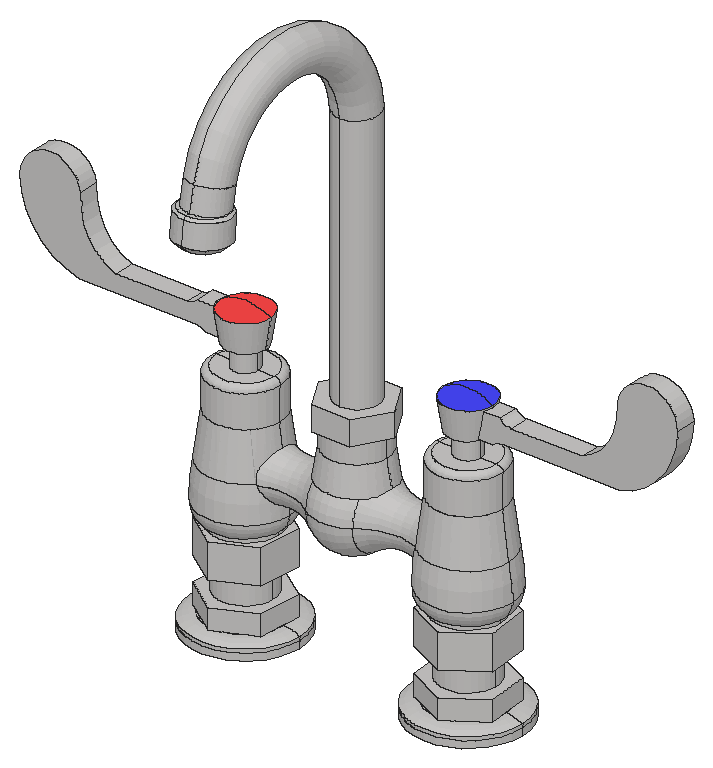
Revit family "15-425L-W-E2", category Specialty Equipment, Revit 2018
Family settings
  Round Connector Dimension = Use Diameter
  Part Type = Normal
  OmniClass Number = 23.45.05.14
  OmniClass Title = Plumbing Fixtures - Sanitary Washing Units
  Work Plane-Based = No
  Always vertical = Yes
  Cut with Voids When Loaded = No
  Shared = No
  Room Calculation Point = No
Parameters
  URL Cutsheet = ""
  Serial Number = ""
  Plumbing Remarks = ""
  Plumbing Connection Type = ""
  Model = "15-425L-W-E2"
  Masterspec = ""
  Manufacturer = "Krowne Metal"
  Item Number = ""
  INLET = 1/2"
  Hot Water Size = 1/2"
  Hot Water RI Height = 0"
  Hot Water Flow = 0.5 GPM
  Hot Water Connection Height = 0"
  Foodservice Equipment Identifier = yes
  Description = "4\" Rasied Deck Mount Faucet with 3-1/2\" Wide Gooseneck Spout"
  Cold Water Size = 1/2"
  Cold Water RI Height = 0"
  Cold Water Flow = 0.5 GPM
  Cold Water Connection Height = 0"
  Assembly Code = "D2010400"
Reference planes (in)
  plane 1 "Center (Front/Back)": y = 0
  plane 2: z = 0
  plane 3 "Center (Left/Right)": x = 0
  plane 4: x = -5.9375
  plane 5: x = 5.9375
  plane 6: x = -2
  plane 7: x = 2
  plane 8: y = -12
  plane 9: z = 2.65558
  plane 10: through (0, -5.76521, 7.15874) normal (0, 0.342, 0.9397)
  plane 11: through (-0.17725, -0.12367, 48) normal (-0.5736, 0.8192, 0)
  plane 12: z = 10.875
  plane 13: z = 8.375
Forms (in)
  Revolve 1, solid, material "Metal_Finishes_Stainless Steel"
    sketch origin (0, 0, 0) x (1, 0, 0) y (0, 0, 1)
      loop
        line (-2.22656, 4.20975) -> (-2.51562, 4.20975)
        arc (-2.51562, 4.20975) -> (-2.59135, 4.17838) -> (-2.62271, 4.10266) r 0.10709
        line (-2.62271, 4.10266) -> (-2.62271, 3.52551)
        arc (-2.62271, 3.52551) -> (-2.66794, 3.11826) -> (-2.73746, 2.71444) r 6.8403
        arc (-2.73746, 2.71444) -> (-2.78362, 2.39451) -> (-2.79296, 2.0714) r 2.82789
        arc (-2.79296, 2.0714) -> (-2.75645, 1.91708) -> (-2.6617, 1.78992) r 0.39133
        line (-2.6617, 1.78992) -> (-2.59259, 1.78992) -> (-2.59259, 1.68577) -> (-2, 1.68577) -> (-2, 5.125) -> (-2.44657, 5.125) -> (-2.36239, 4.59348) -> (-2.22656, 4.59348) -> (-2.22656, 4.20975)
      axis (-2, 5.125) -> (-2, 1.68577)
    angle from 0 to 360
  Revolve 2, solid, material "Metal_Finishes_Stainless Steel"
    sketch origin (0, 0, 0) x (-1, 0, 0) y (0, 0, 1)
      loop
        line (-2.22656, 4.20975) -> (-2.51562, 4.20975)
        arc (-2.51562, 4.20975) -> (-2.59135, 4.17838) -> (-2.62271, 4.10266) r 0.10709
        line (-2.62271, 4.10266) -> (-2.62271, 3.52551)
        arc (-2.62271, 3.52551) -> (-2.66794, 3.11826) -> (-2.73746, 2.71444) r 6.8403
        arc (-2.73746, 2.71444) -> (-2.78362, 2.39451) -> (-2.79296, 2.0714) r 2.82789
        arc (-2.79296, 2.0714) -> (-2.75645, 1.91708) -> (-2.6617, 1.78992) r 0.39133
        line (-2.6617, 1.78992) -> (-2.59259, 1.78992) -> (-2.59259, 1.68577) -> (-2, 1.68577) -> (-2, 5.125) -> (-2.44657, 5.125) -> (-2.36239, 4.59348) -> (-2.22656, 4.59348) -> (-2.22656, 4.20975)
      axis (-2, 5.125) -> (-2, 1.68577)
    angle from 0 to 360
  Revolve 3, solid, material "Metal_Finishes_Stainless Steel"
    sketch origin (0, 0, 2.6875) x (1, 0, 0) y (0, 1, 0)
      loop
        arc (-0.42994, 0.60483) -> (-1.04087, 0.39267) -> (-1.65203, 0.60418) r 0.98721
        line (-1.65203, 0.60418) -> (-1.65203, 0) -> (1.65203, 0) -> (1.65203, 0.60418)
        arc (1.65203, 0.60418) -> (1.02733, 0.37825) -> (0.40081, 0.59907) r 0.98777
        arc (0.40081, 0.59907) -> (-0.01356, 0.74768) -> (-0.42994, 0.60483) r 0.66483
      axis (-1.65203, 0) -> (1.65203, 0)
    angle from 0 to 360
  Blend 4, solid, material "Metal_Finishes_Stainless Steel"
    base sketch origin (0, 0, 0) x (1, 0, 0) y (0, 1, 0)
      loop
        circle (0, 0) r 0.62691
    top sketch origin (0, 0, 0) x (1, 0, 0) y (0, 1, 0)
      loop
        circle (0, 0) r 0.54579
    from 3.11172 to 3.61652
  Extrusion 5, solid, material "Metal_Finishes_Stainless Steel"
    sketch origin (0, 0, 0) x (1, 0, 0) y (0, 1, 0)
      loop
        line (-1.30752, 0.32291) -> (-1.93341, 0.76116) -> (-2.62589, 0.43825) -> (-2.69248, -0.32291) -> (-2.06659, -0.76116) -> (-1.37411, -0.43825) -> (-1.30752, 0.32291)
    from 1.06695 to 1.68577
  Extrusion 6, solid, material "Metal_Finishes_Stainless Steel"
    sketch origin (0, 0, 0) x (-1, 0, 0) y (0, -1, 0)
      loop
        line (-1.30752, -0.32291) -> (-1.37411, 0.43825) -> (-2.06659, 0.76116) -> (-2.69248, 0.32291) -> (-2.62589, -0.43825) -> (-1.93341, -0.76116) -> (-1.30752, -0.32291)
    from 1.06695 to 1.68577
  Revolve 7, solid, material "Metal_Finishes_Stainless Steel"
    sketch origin (0, 0, 0) x (1, 0, 0) y (0, 0, 1)
      loop
        line (-0.54579, 3.98343) -> (-0.54579, 3.61652) -> (0, 3.61652) -> (0, 3.98343) -> (-0.54579, 3.98343)
      axis (0, 3.98343) -> (0, 3.61652)
    angle from 0 to 360
  Revolve 8, solid, material "Metal_Finishes_Stainless Steel"
    sketch origin (0, 0, 0) x (1, 0, 0) y (0, 0, 1)
      loop
        line (-2, 1.06695) -> (-2.5, 1.06695) -> (-2.5, 0.61297) -> (-2, 0.61297) -> (-2, 1.06695)
      axis (-2, 1.06695) -> (-2, 0.61297)
    angle from 0 to 360
  Extrusion 9, solid, material "Metal_Finishes_Stainless Steel"
    sketch origin (0, 0, -0.75) x (1, 0, 0) y (0, 1, 0)
      loop
        line (-1.30752, 0.32291) -> (-1.93341, 0.76116) -> (-2.62589, 0.43825) -> (-2.69248, -0.32291) -> (-2.06659, -0.76116) -> (-1.37411, -0.43825) -> (-1.30752, 0.32291)
    from 1.01152 to 1.37272
  Extrusion 10, solid, material "Metal_Finishes_Stainless Steel"
    sketch origin (0, 0, -0.75) x (-1, 0, 0) y (0, -1, 0)
      loop
        line (-1.30752, -0.32291) -> (-1.37411, 0.43825) -> (-2.06659, 0.76116) -> (-2.69248, 0.32291) -> (-2.62589, -0.43825) -> (-1.93341, -0.76116) -> (-1.30752, -0.32291)
    from 1.01152 to 1.37272
  Revolve 11, solid, material "Metal_Finishes_Stainless Steel"
    sketch origin (0, 0, 0) x (-1, 0, 0) y (0, 0, 1)
      loop
        line (-2, 1.06695) -> (-2.5, 1.06695) -> (-2.5, 0.61816) -> (-2, 0.61816) -> (-2, 1.06695)
      axis (-2, 1.06695) -> (-2, 0.61816)
    angle from 0 to 360
  Revolve 12, solid, material "Metal_Finishes_Stainless Steel"
    sketch origin (0, 0, 0) x (1, 0, 0) y (0, 0, 1)
      loop
        line (-2, 0.26152) -> (-2.69248, 0.26152)
        arc (-2.69248, 0.26152) -> (-2.83914, 0.24298) -> (-2.97656, 0.1885) r 0.58912
        line (-2.97656, 0.1885) -> (-2.97656, 0.12692) -> (-2, 0.12692) -> (-2, 0.26152)
      axis (-2, 0.26152) -> (-2, 0.12692)
    angle from 0 to 360
  Revolve 13, solid, material "Metal_Finishes_Stainless Steel"
    sketch origin (0, 0, 0) x (-1, 0, 0) y (0, 0, 1)
      loop
        line (-2, 0.26152) -> (-2.69248, 0.26152)
        arc (-2.69248, 0.26152) -> (-2.83914, 0.24298) -> (-2.97656, 0.1885) r 0.58912
        line (-2.97656, 0.1885) -> (-2.97656, 0.12692) -> (-2, 0.12692) -> (-2, 0.26152)
      axis (-2, 0.26152) -> (-2, 0.12692)
    angle from 0 to 360
  Revolve 14, solid, material "Metal_Finishes_Stainless Steel"
    sketch origin (0, 0, 0) x (1, 0, 0) y (0, 0, 1)
      loop
        line (-2, 0.12692) -> (-2.97656, 0.12692) -> (-2.97656, 0) -> (-2, 0) -> (-2, 0.12692)
      axis (-2, 0.12692) -> (-2, 0)
    angle from 0 to 360
  Revolve 15, solid, material "Metal_Finishes_Stainless Steel"
    sketch origin (0, 0, 0) x (-1, 0, 0) y (0, 0, 1)
      loop
        line (-2, 0.12692) -> (-2.97656, 0.12692) -> (-2.97656, 0) -> (-2, 0) -> (-2, 0.12692)
      axis (-2, 0.12692) -> (-2, 0)
    angle from 0 to 360
  Revolve 16, solid, material "Plastic-Brass-Red"
    sketch origin (0, 0, 0) x (1, 0, 0) y (0, 0, 1)
      loop
        line (-2, 5.125) -> (-2, 5.25752)
        arc (-2, 5.25752) -> (-2.23286, 5.22351) -> (-2.44657, 5.125) r 0.82319
        line (-2.44657, 5.125) -> (-2, 5.125)
      axis (-2, 5.25752) -> (-2, 5.125)
    angle from 0 to 360
  Revolve 17, solid, material "Plastic-Brass-Blue"
    sketch origin (0, 0, 0) x (-1, 0, 0) y (0, 0, 1)
      loop
        line (-2, 5.125) -> (-2, 5.25752)
        arc (-2, 5.25752) -> (-2.23286, 5.22351) -> (-2.44657, 5.125) r 0.82319
        line (-2.44657, 5.125) -> (-2, 5.125)
      axis (-2, 5.25752) -> (-2, 5.125)
    angle from 0 to 360
  Extrusion 18, solid, material "Metal_Finishes_Stainless Steel"
    sketch origin (-0.24216, 0, 2.04187) x (1, 0, 0) y (0, 0, 1)
      loop
        line (-2.66818, 2.9566) -> (-3.93705, 2.9566)
        spline (-3.93705, 2.9566) -> (-4.04351, 3.00182) -> (-4.1397, 3.05603) -> (-4.22581, 3.11899) -> (-4.30203, 3.19043) -> (-4.36857, 3.27011) -> (-4.42561, 3.35776) -> (-4.47335, 3.45315) -> (-4.51197, 3.55601) -> (-4.54167, 3.6661) -> (-4.56265, 3.78315) -> (-4.5751, 3.90692) -> (-4.5792, 4.03716)
        arc (-4.5792, 4.03716) -> (-5.15856, 4.50162) -> (-5.66409, 3.95772) r 0.54535
        arc (-5.66409, 3.95772) -> (-5.36476, 3.11244) -> (-4.60018, 2.64391) r 1.34317
        line (-4.60018, 2.64391) -> (-2.50875, 2.64391)
        arc (-2.50875, 2.64391) -> (-2.41638, 2.62754) -> (-2.33526, 2.58042) r 0.2688
        line (-2.33526, 2.58042) -> (-2.03125, 2.58042) -> (-2.03125, 3.05157) -> (-2.47683, 3.05157)
        arc (-2.47683, 3.05157) -> (-2.56137, 2.98165) -> (-2.66818, 2.9566) r 0.24025
    from -0.17603 to 0.17603
  Extrusion 19, solid, material "Metal_Finishes_Stainless Steel"
    sketch origin (0.24216, 0, 2.04187) x (-1, 0, 0) y (0, 0, -1)
      loop
        arc (-2.66818, -2.9566) -> (-2.56137, -2.98165) -> (-2.47683, -3.05157) r 0.24025
        line (-2.47683, -3.05157) -> (-2.03125, -3.05157) -> (-2.03125, -2.58042) -> (-2.33526, -2.58042)
        arc (-2.33526, -2.58042) -> (-2.41638, -2.62754) -> (-2.50875, -2.64391) r 0.2688
        line (-2.50875, -2.64391) -> (-4.60018, -2.64391)
        arc (-4.60018, -2.64391) -> (-5.36476, -3.11244) -> (-5.66409, -3.95772) r 1.34317
        arc (-5.66409, -3.95772) -> (-5.15856, -4.50162) -> (-4.5792, -4.03716) r 0.54535
        spline (-4.5792, -4.03716) -> (-4.5751, -3.90692) -> (-4.56265, -3.78315) -> (-4.54167, -3.6661) -> (-4.51197, -3.55601) -> (-4.47335, -3.45315) -> (-4.42561, -3.35776) -> (-4.36857, -3.27011) -> (-4.30203, -3.19043) -> (-4.22581, -3.11899) -> (-4.1397, -3.05603) -> (-4.04351, -3.00182) -> (-3.93705, -2.9566)
        line (-3.93705, -2.9566) -> (-2.66818, -2.9566)
    from -0.17603 to 0.17603
  Revolve 20, solid, material "Metal_Finishes_Stainless Steel"
    sketch origin (0, 1.37594, 1.66226) x (0, 0.996195, -0.087156) y (0, 0.087156, 0.996195)
      loop
        line (-4.96611, 6.81304) -> (-5.01464, 6.85377) -> (-5.4198, 6.8854) -> (-5.4198, 6.2923) -> (-5.05766, 6.2923) -> (-4.96611, 6.38386) -> (-4.96611, 6.81304)
      axis (-5.4198, 6.8854) -> (-5.4198, 6.2923)
    angle from 0 to 360
  Sweep 21, solid, material "Metal_Finishes_Stainless Steel"
    path origin (0, 0, 1.43249) x (0, 1, 0) y (0, 0, 1)
      loop
        line (-0.00003, 2.18403) -> (-0.00003, 7.62952)
        arc (-0.00003, 7.62952) -> (-1.52535, 9.18633) -> (-3.30301, 7.9253) r 1.67906
        line (-3.30301, 7.9253) -> (-3.43324, 7.18669)
    profile origin (0, -0.00003, 6.33926) x (0, -1, 0) y (1, 0, 0)
      loop
        circle (0, 0) r 0.37375
  Extrusion 22, void
    sketch origin (0, -0.54452, 1.88766) x (1, 0, 0) y (0, 0.996195, -0.087156)
      loop
        circle (0, -3.5) r 0.34361
      loop
        circle (0, -3.22992) r 0.04564
      loop
        circle (0.13088, -3.2517) r 0.04564
      loop
        circle (-0.13088, -3.2517) r 0.04564
      loop
        circle (0, -3.33823) r 0.04564
      loop
        circle (0.13088, -3.36002) r 0.04564
      loop
        circle (-0.12307, -3.38345) r 0.04564
      loop
        circle (0, -3.45442) r 0.04564
      loop
        circle (0.06838, -3.56214) r 0.04564
      loop
        circle (-0.1387, -3.49964) r 0.04564
      loop
        circle (-0.2115, -3.31347) r 0.04564
      loop
        circle (-0.25424, -3.4309) r 0.04564
      loop
        circle (0.24203, -3.36997) r 0.04564
      loop
        circle (0.23422, -3.49832) r 0.04564
      loop
        circle (0, -3.77008) r 0.04564
      loop
        circle (0.13088, -3.7483) r 0.04564
      loop
        circle (-0.13088, -3.7483) r 0.04564
      loop
        circle (0, -3.66177) r 0.04564
      loop
        circle (0.13088, -3.63998) r 0.04564
      loop
        circle (-0.13088, -3.60873) r 0.04564
      loop
        circle (-0.03906, -3.5573) r 0.04564
      loop
        circle (-0.2115, -3.68653) r 0.04564
      loop
        circle (-0.25424, -3.5691) r 0.04564
      loop
        circle (0.24203, -3.63003) r 0.04564
      loop
        circle (0.13088, -3.47286) r 0.04564
    from 6.23514 to 6.28724
  Extrusion 23, solid, material "Metal_Finishes_Stainless Steel"
    sketch origin (0, 0, 0.19915) x (1, 0, 0) y (0, 1, 0)
      loop
        line (-0.33965, 0.5883) -> (-0.67931, 0) -> (-0.33965, -0.5883) -> (0.33965, -0.5883) -> (0.67931, 0) -> (0.33965, 0.5883) -> (-0.33965, 0.5883)
    from 3.78429 to 4.20975
Cuts and joins
  Extrusion 22 cuts Revolve 20
  joined: Revolve 1, Revolve 2, Revolve 3, Blend 4, Extrusion 5, Extrusion 6, Revolve 7, Revolve 8, Extrusion 9, Extrusion 10, Revolve 11, Revolve 12, Revolve 13, Extrusion 18, Extrusion 19, Revolve 20, Sweep 21, Extrusion 23
Dimensions and locks (in)
  equal spacing: plane 5, plane 3 "Center (Left/Right)", plane 4, locked at 5.9375 each
  locked: plane 5 to plane 4 at 11.875
  equal spacing: plane 7, plane 3 "Center (Left/Right)", plane 6, locked at 2 each
  plane 7 to plane 6 = 4"
  plane 1 "Center (Front/Back)" to plane 8 = 12"
  plane 12 to level = 10 7/8"
  plane 13 to level = 8 3/8"
  aligned and locked: level to plane 2
Automatic sketch dimensions
  Revolve 1 sketch curve to plane 6 = 0"  (x2)
  Revolve 1 sketch curve to plane 6 = 29/128"
  Revolve 1 sketch curve to Revolve 1 sketch curve = 0.13583"
  Revolve 1 sketch curve to plane 6 = 0.40179"
  Revolve 1 sketch curve to Revolve 1 sketch curve = 0.44657"
  Revolve 1 sketch curve to Revolve 1 sketch curve = 37/128"
  Revolve 1 sketch curve to Revolve 1 sketch curve = 0.19081"
  Revolve 1 sketch curve to Revolve 1 sketch curve = 0.10709"
  Revolve 1 sketch curve to Revolve 1 sketch curve = 0.06911"
  plane 9 to Revolve 1 sketch curve = 1.42088"
  Revolve 1 sketch curve to plane 4 = 3.50329"
  plane 3 "Center (Left/Right)" to Revolve 1 sketch curve = 0.0338"
  plane 9 to Revolve 1 sketch curve = 0.86993"
  Revolve 1 sketch curve to plane 9 = 0.50422"
  Revolve 1 sketch curve to plane 9 = 0.57311"
  Revolve 1 sketch curve to Revolve 1 sketch curve = 0.29254"
  Revolve 1 sketch curve to Revolve 1 sketch curve = 0.10415"
  Revolve 1 sketch curve to Revolve 1 sketch curve = 0.57715"
  Revolve 1 sketch curve to Revolve 1 sketch curve = 0.38373"
  Revolve 1 sketch curve to Revolve 1 sketch curve = 0.53152"
  Revolve 1 sketch curve to Revolve 1 sketch curve = 0"
  level to Revolve 1 sketch curve = 0.66139"
  plane 7 to Revolve 2 sketch curve = 0"  (x2)
  plane 7 to Revolve 2 sketch curve = 29/128"
  Revolve 2 sketch curve to Revolve 2 sketch curve = 0.13583"
  plane 7 to Revolve 2 sketch curve = 0.40179"
  Revolve 2 sketch curve to Revolve 2 sketch curve = 0.44657"
  Revolve 2 sketch curve to Revolve 2 sketch curve = 37/128"
  Revolve 2 sketch curve to Revolve 2 sketch curve = 0.19081"
  Revolve 2 sketch curve to Revolve 2 sketch curve = 0.10709"
  Revolve 2 sketch curve to Revolve 2 sketch curve = 0.06911"
  Revolve 2 sketch curve to plane 9 = 1.42088"
  Revolve 2 sketch curve to plane 5 = 3.50329"
  plane 3 "Center (Left/Right)" to Revolve 2 sketch curve = 0.0338"
  Revolve 2 sketch curve to plane 9 = 0.86993"
  plane 9 to Revolve 2 sketch curve = 0.50422"
  plane 9 to Revolve 2 sketch curve = 0.57311"
  Revolve 2 sketch curve to Revolve 2 sketch curve = 0.29254"
  Revolve 2 sketch curve to Revolve 2 sketch curve = 0.10415"
  Revolve 2 sketch curve to Revolve 2 sketch curve = 0.57715"
  Revolve 2 sketch curve to Revolve 2 sketch curve = 0.38373"
  Revolve 2 sketch curve to Revolve 2 sketch curve = 0.53152"
  Revolve 2 sketch curve to Revolve 2 sketch curve = 0"
  Revolve 2 sketch curve to level = 0.66139"
  plane 1 "Center (Front/Back)" to Revolve 3 sketch curve = 0"  (x2)
  Revolve 3 sketch curve to plane 6 = 0"
  Revolve 3 sketch curve to Revolve 3 sketch curve = 0.34797"
  plane 6 to Revolve 3 sketch curve = 0.95861"
  Revolve 3 sketch curve to plane 3 "Center (Left/Right)" = 0.01816"
  plane 7 to Revolve 3 sketch curve = 0.9767"
  plane 7 to Revolve 3 sketch curve = 0.34797"
  Revolve 3 sketch curve to plane 1 "Center (Front/Back)" = 0.08287"
  Revolve 3 sketch curve to plane 1 "Center (Front/Back)" = 0.60418"  (x2)
  Revolve 3 sketch curve to Revolve 3 sketch curve = 0.76183"
  Revolve 3 sketch curve to Revolve 3 sketch curve = 0.7757"
  Revolve 3 sketch curve to Revolve 3 sketch curve = 0"
  Revolve 3 sketch curve to plane 7 = 0.6617"
  plane 1 "Center (Front/Back)" to Blend 4 sketch curve = 0"  (x2)
  Blend 4 sketch curve to plane 3 "Center (Left/Right)" = 0"  (x2)
  Extrusion 6 sketch curve to plane 1 "Center (Front/Back)" = 0.32291"
  plane 7 to Extrusion 6 sketch curve = 0.69248"
  plane 7 to Extrusion 6 sketch curve = 0.62589"
  plane 7 to Extrusion 6 sketch curve = 0.06659"
  Extrusion 6 sketch curve to plane 7 = 0.06659"
  Extrusion 6 sketch curve to plane 7 = 0.62589"
  plane 1 "Center (Front/Back)" to Extrusion 6 sketch curve = 0.32291"
  Extrusion 6 sketch curve to plane 7 = 0.69248"
  Extrusion 6 sketch curve to plane 1 "Center (Front/Back)" = 0.43825"
  Extrusion 6 sketch curve to plane 1 "Center (Front/Back)" = 0.76116"
  plane 1 "Center (Front/Back)" to Extrusion 6 sketch curve = 0.43825"
  plane 1 "Center (Front/Back)" to Extrusion 6 sketch curve = 0.76116"
  Revolve 7 sketch curve to plane 3 "Center (Left/Right)" = 0"  (x2)
  Revolve 7 sketch curve to plane 3 "Center (Left/Right)" = 0.54579"
  plane 9 to Revolve 7 sketch curve = 123/128"
  Revolve 7 sketch curve to Revolve 7 sketch curve = 0.36692"
  Revolve 7 sketch curve to Revolve 7 sketch curve = 0.14231"
  Revolve 7 sketch curve to Revolve 7 sketch curve = 0.09237"
  Revolve 8 sketch curve to plane 6 = 0"  (x2)
  Revolve 8 sketch curve to plane 6 = 1/2"
  level to Revolve 8 sketch curve = 0.61297"
  Revolve 8 sketch curve to Revolve 8 sketch curve = 0.45398"
  Revolve 8 sketch curve to Revolve 8 sketch curve = 0.1815"
  Revolve 8 sketch curve to Revolve 8 sketch curve = 0.4632"
  plane 1 "Center (Front/Back)" to Extrusion 9 sketch curve = 0.32291"
  Extrusion 9 sketch curve to plane 6 = 0.69248"
  Extrusion 9 sketch curve to plane 6 = 0.62589"
  Extrusion 9 sketch curve to plane 6 = 0.06659"
  plane 6 to Extrusion 9 sketch curve = 0.06659"
  plane 6 to Extrusion 9 sketch curve = 0.62589"
  Extrusion 9 sketch curve to plane 1 "Center (Front/Back)" = 0.32291"
  plane 6 to Extrusion 9 sketch curve = 0.69248"
  plane 1 "Center (Front/Back)" to Extrusion 9 sketch curve = 0.43825"
  plane 1 "Center (Front/Back)" to Extrusion 9 sketch curve = 0.76116"
  Extrusion 9 sketch curve to plane 1 "Center (Front/Back)" = 0.43825"
  Extrusion 9 sketch curve to plane 1 "Center (Front/Back)" = 0.76116"
  Extrusion 10 sketch curve to plane 1 "Center (Front/Back)" = 0.32291"
  plane 7 to Extrusion 10 sketch curve = 0.69248"
  plane 7 to Extrusion 10 sketch curve = 0.62589"
  plane 7 to Extrusion 10 sketch curve = 0.06659"
  Extrusion 10 sketch curve to plane 7 = 0.06659"
  Extrusion 10 sketch curve to plane 7 = 0.62589"
  plane 1 "Center (Front/Back)" to Extrusion 10 sketch curve = 0.32291"
  Extrusion 10 sketch curve to plane 7 = 0.69248"
  Extrusion 10 sketch curve to plane 1 "Center (Front/Back)" = 0.43825"
  Extrusion 10 sketch curve to plane 1 "Center (Front/Back)" = 0.76116"
  plane 1 "Center (Front/Back)" to Extrusion 10 sketch curve = 0.43825"
  plane 1 "Center (Front/Back)" to Extrusion 10 sketch curve = 0.76116"
  plane 7 to Revolve 11 sketch curve = 0"  (x2)
  Revolve 11 sketch curve to Revolve 11 sketch curve = 1/2"
  Revolve 11 sketch curve to level = 0.61816"
  Revolve 11 sketch curve to Revolve 11 sketch curve = 0.44879"
  Revolve 11 sketch curve to Revolve 11 sketch curve = 0.18669"
  Revolve 11 sketch curve to Revolve 11 sketch curve = 0.4632"
  Revolve 12 sketch curve to plane 6 = 0"  (x2)
  Revolve 12 sketch curve to level = 0"
  level to Revolve 12 sketch curve = 0.26152"
  Revolve 12 sketch curve to plane 6 = 0.69248"
  level to Revolve 12 sketch curve = 0.12692"
  Revolve 12 sketch curve to Revolve 12 sketch curve = 0.28408"
  Revolve 12 sketch curve to level = 0.3276"
  Revolve 12 sketch curve to Revolve 12 sketch curve = 0.1529"
  plane 7 to Revolve 13 sketch curve = 0"  (x2)
  Revolve 13 sketch curve to level = 0"
  Revolve 13 sketch curve to level = 0.26152"
  Revolve 13 sketch curve to Revolve 13 sketch curve = 0.69248"
  Revolve 13 sketch curve to level = 0.12692"
  Revolve 13 sketch curve to Revolve 13 sketch curve = 0.28408"
  level to Revolve 13 sketch curve = 0.3276"
  Revolve 13 sketch curve to Revolve 13 sketch curve = 0.1529"
  Revolve 14 sketch curve to level = 0"
  Revolve 14 sketch curve to plane 6 = 0"  (x2)
  level to Revolve 14 sketch curve = 0.12692"
  Revolve 14 sketch curve to plane 6 = 125/128"
  Revolve 14 sketch curve to level = 81/256"
  Revolve 14 sketch curve to Revolve 14 sketch curve = 0.35201"
  Revolve 15 sketch curve to level = 0"
  plane 7 to Revolve 15 sketch curve = 0"  (x2)
  Revolve 15 sketch curve to level = 0.12692"
  Revolve 15 sketch curve to Revolve 15 sketch curve = 125/128"
  level to Revolve 15 sketch curve = 81/256"
  Revolve 15 sketch curve to Revolve 15 sketch curve = 0.35201"
  Revolve 16 sketch curve to plane 6 = 0"  (x2)
  Revolve 16 sketch curve to plane 6 = 0.44657"
  plane 6 to Revolve 16 sketch curve = 0.00133"
  plane 9 to Revolve 16 sketch curve = 1.77875"
  Revolve 16 sketch curve to Revolve 16 sketch curve = 0.69067"
  Revolve 16 sketch curve to Revolve 16 sketch curve = 0.18435"
  Revolve 16 sketch curve to Revolve 16 sketch curve = 0.27692"
  plane 7 to Revolve 17 sketch curve = 0"  (x2)
  Revolve 17 sketch curve to Revolve 17 sketch curve = 0.44657"
  Revolve 17 sketch curve to plane 7 = 0.00133"
  Revolve 17 sketch curve to plane 9 = 1.77875"
  Revolve 17 sketch curve to Revolve 17 sketch curve = 0.69067"
  Revolve 17 sketch curve to Revolve 17 sketch curve = 0.18435"
  Revolve 17 sketch curve to Revolve 17 sketch curve = 0.27692"
  plane 4 to Extrusion 18 sketch curve = 0.5766"
  plane 4 to Extrusion 18 sketch curve = 1.09516"
  Extrusion 18 sketch curve to Extrusion 18 sketch curve = 0.53953"
  Extrusion 18 sketch curve to Extrusion 18 sketch curve = 0.25828"
  Extrusion 18 sketch curve to Extrusion 18 sketch curve = 0.66313"
  Extrusion 18 sketch curve to plane 6 = 0.91034"
  Extrusion 18 sketch curve to Extrusion 18 sketch curve = 0.15943"
  Extrusion 18 sketch curve to Extrusion 18 sketch curve = 0.19135"
  Extrusion 18 sketch curve to Extrusion 18 sketch curve = 0.17349"
  Extrusion 18 sketch curve to plane 6 = 0.27341"
  Extrusion 18 sketch curve to Extrusion 18 sketch curve = 0.14528"
  Extrusion 18 sketch curve to Extrusion 18 sketch curve = 0.31269"
  Extrusion 18 sketch curve to Extrusion 18 sketch curve = 0.06348"
  Extrusion 19 sketch curve to plane 5 = 0.5766"
  Extrusion 19 sketch curve to plane 5 = 1.09516"
  Extrusion 19 sketch curve to Extrusion 19 sketch curve = 0.53953"
  Extrusion 19 sketch curve to Extrusion 19 sketch curve = 0.25828"
  Extrusion 19 sketch curve to Extrusion 19 sketch curve = 0.66313"
  Extrusion 19 sketch curve to plane 7 = 0.91034"
  Extrusion 19 sketch curve to Extrusion 19 sketch curve = 0.15943"
  Extrusion 19 sketch curve to Extrusion 19 sketch curve = 0.19135"
  Extrusion 19 sketch curve to Extrusion 19 sketch curve = 0.17349"
  Extrusion 19 sketch curve to plane 7 = 0.27341"
  Extrusion 19 sketch curve to Extrusion 19 sketch curve = 0.14528"
  Extrusion 19 sketch curve to Extrusion 19 sketch curve = 0.31269"
  Extrusion 19 sketch curve to Extrusion 19 sketch curve = 0.06348"
  Revolve 1 sketch curve to Revolve 1 sketch curve = 1.14731"
  Revolve 2 sketch curve to Revolve 2 sketch curve = 1.14731"
  plane 9 to Extrusion 18 sketch curve = 1.7614"
  Extrusion 18 sketch curve to Extrusion 18 sketch curve = 1.00113"
  Extrusion 18 sketch curve to Extrusion 18 sketch curve = 0.07943"
  plane 9 to Extrusion 19 sketch curve = 3.42345"
  Extrusion 19 sketch curve to Extrusion 19 sketch curve = 0.07943"
  Extrusion 19 sketch curve to Extrusion 19 sketch curve = 0.76088"
  plane 13 to Revolve 20 sketch curve = 0.02798"
  plane 10 to Revolve 20 sketch curve = 1.95256"
  Revolve 20 sketch curve to Revolve 20 sketch curve = 0.36214"
  Revolve 20 sketch curve to Revolve 20 sketch curve = 0.40515"
  Revolve 20 sketch curve to Revolve 20 sketch curve = 0.09155"  (x2)
  Revolve 20 sketch curve to Revolve 20 sketch curve = 0.42919"
  Revolve 20 sketch curve to Revolve 20 sketch curve = 0.04073"
  Revolve 20 sketch curve to Revolve 20 sketch curve = 0.03162"
  Revolve 20 sketch curve to Revolve 20 sketch curve = 0"
  Revolve 20 sketch curve to Revolve 20 sketch curve = 0.109"
  Revolve 20 sketch curve to Revolve 20 sketch curve = 0.11406"
  plane 13 to Sweep 21 sketch curve = 0.98279"
  plane 1 "Center (Front/Back)" to Sweep 21 sketch curve = 3.30301"
  plane 13 to Sweep 21 sketch curve = 0.57144"
  plane 1 "Center (Front/Back)" to Sweep 21 sketch curve = 1.67511"
  plane 1 "Center (Front/Back)" to Sweep 21 sketch curve = 0.00003"
  plane 13 to Sweep 21 sketch curve = 0.24418"
  Sweep 21 sketch curve to Sweep 21 sketch curve = 0.13024"
  plane 9 to Sweep 21 sketch curve = 123/128"
  Sweep 21 sketch curve to profile plane = 0"  (x2)
  Extrusion 22 sketch curve to plane 3 "Center (Left/Right)" = 0"  (x6)
  Extrusion 22 sketch curve to plane 3 "Center (Left/Right)" = 5/128"
  Extrusion 22 sketch curve to plane 3 "Center (Left/Right)" = 0.12307"
  Extrusion 22 sketch curve to plane 3 "Center (Left/Right)" = 0.13088"  (x2)
  Extrusion 22 sketch curve to Extrusion 22 sketch curve = 0.09182"
  Extrusion 22 sketch curve to Extrusion 22 sketch curve = 1/128"
  Extrusion 22 sketch curve to Extrusion 22 sketch curve = 0.08062"  (x2)
  Extrusion 22 sketch curve to Extrusion 22 sketch curve = 0.04274"  (x2)
  plane 3 "Center (Left/Right)" to Extrusion 22 sketch curve = 0.06838"
  Extrusion 22 sketch curve to Extrusion 22 sketch curve = 1/16"  (x2)
  plane 3 "Center (Left/Right)" to Extrusion 22 sketch curve = 0.13088"
  Extrusion 22 sketch curve to Extrusion 22 sketch curve = 0"  (x2)
  Extrusion 22 sketch curve to Extrusion 22 sketch curve = 0.10333"
  Extrusion 22 sketch curve to Extrusion 22 sketch curve = 0.11115"  (x2)
  Extrusion 22 sketch curve to Extrusion 22 sketch curve = 0.02179"  (x2)
  Extrusion 22 sketch curve to Extrusion 22 sketch curve = 0.06177"  (x2)
  Extrusion 22 sketch curve to Extrusion 22 sketch curve = 0.10831"  (x4)
  Extrusion 22 sketch curve to Extrusion 22 sketch curve = 0.00995"  (x2)
  Extrusion 22 sketch curve to Extrusion 22 sketch curve = 0.0778"
  Extrusion 22 sketch curve to Extrusion 22 sketch curve = 0.11743"
  Extrusion 22 sketch curve to Extrusion 22 sketch curve = 0.07784"
  Extrusion 22 sketch curve to Extrusion 22 sketch curve = 0.05143"
  Extrusion 22 sketch curve to Extrusion 22 sketch curve = 0.0573"
  Extrusion 22 sketch curve to Extrusion 22 sketch curve = 0.10909"
  Extrusion 22 sketch curve to Extrusion 22 sketch curve = 0.13171"
  Extrusion 22 sketch curve to Extrusion 22 sketch curve = 0.02546"
  Extrusion 22 sketch curve to Extrusion 22 sketch curve = 0.04558"
  Extrusion 22 sketch curve to Extrusion 22 sketch curve = 0.06874"
  Extrusion 22 sketch curve to Extrusion 22 sketch curve = 0.11619"  (x2)
  Extrusion 22 sketch curve to Extrusion 22 sketch curve = 0.12835"
  Extrusion 22 sketch curve to Extrusion 22 sketch curve = 0.06998"
  plane 1 "Center (Front/Back)" to Extrusion 23 sketch curve = 0"  (x2)
  Extrusion 23 sketch curve to plane 3 "Center (Left/Right)" = 0.67931"
  Extrusion 23 sketch curve to plane 3 "Center (Left/Right)" = 0.33965"  (x2)
  plane 3 "Center (Left/Right)" to Extrusion 23 sketch curve = 0.33965"  (x2)
  Extrusion 23 sketch curve to Extrusion 23 sketch curve = 0.33965"
  plane 1 "Center (Front/Back)" to Extrusion 23 sketch curve = 0.5883"
  Extrusion 23 sketch curve to plane 1 "Center (Front/Back)" = 0.5883"
  radius of Blend 4 sketch curve = 0.62691"
  radius of Blend 4 sketch curve = 0.54579"
  radius of Sweep 21 sketch curve = 0.37375"
  radius of Extrusion 22 sketch curve = 0.34361"
  radius of Extrusion 22 sketch curve = 0.04564"  (x24)
Connectors (in)
  piping at (-2, 0, 0), diameter 0.5, driven by "INLET"
    settings: on Revolve 14, index 1, connector inside diameter 24", connector length 0", flow factor 0, pipe flow 0 GPM, pressure drop 0.00 psi, fitting loss kfactor 0, connector angle 0.00°, fixture units 0, engagement length 0", angle of deflection 0.00°, flow configuration 0, flow direction 1, fitting loss method 0, system type 19, joint type 0, gender type 0, connector reference index -1, connector utility 0, adjustable connector no, is connector primary yes, connector description ""
  piping at (2, 0, 0), diameter 0.5, driven by "INLET"
    settings: on Revolve 15, index 2, connector inside diameter 24", connector length 0", flow factor 0, pipe flow 0 GPM, pressure drop 0.00 psi, fitting loss kfactor 0, connector angle 0.00°, fixture units 0, engagement length 0", angle of deflection 0.00°, flow configuration 0, flow direction 1, fitting loss method 0, system type 20, joint type 0, gender type 0, connector reference index -1, connector utility 0, adjustable connector no, is connector primary no, connector description ""
